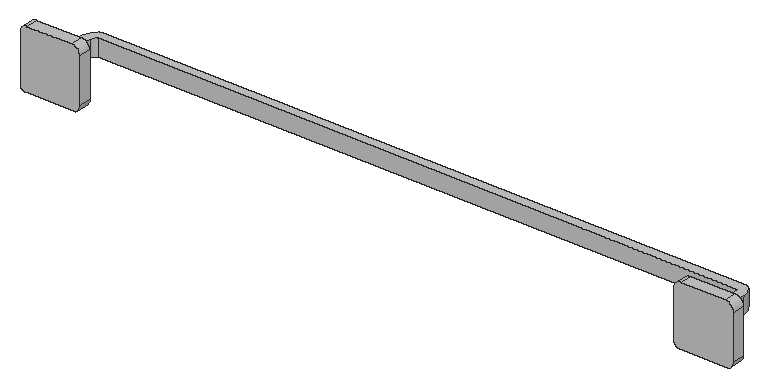
Revit family "SA-2407", category Plumbing Fixtures, host Wall, Revit 2023
Family settings
  Host = Wall
  Round Connector Dimension = Use Diameter
  Part Type = Normal
  OmniClass Number = 23.45.00.00
  OmniClass Title = Sanitary, Laundry, and Cleaning Equipment
  Enable Cutting in Views = No
  Always vertical = Yes
  Cut with Voids When Loaded = No
  Maintain Annotation Orientation = No
  Shared = No
  Room Calculation Point = No
Parameters
  Default Elevation = 0' - 0"
Reference planes (in)
  plane 1: y = 0
  plane 2 "Center (Left/Right)": x = -0.47711
  plane 3 "Back": y = 3
  plane 4: z = 36
  plane 5: x = 11.52289
  plane 6: x = -12.47711
  plane 7: x = 12.61664
  plane 8: x = 10.42914
  plane 9: z = 37.09375
  plane 10: z = 34.90625
  plane 11: x = -11.38336
  plane 12: x = -13.57086
  plane 13: z = 37.09375
  plane 14: z = 34.90625
  plane 15: y = 5.1875
Forms (in)
  Extrusion 1, solid, material "Metals"
    sketch origin (-60, 3, 0) x (-1, 0, 0) y (0, 0, 1)
      loop
        arc (-72.31691, 37.09375) -> (-72.52885, 37.00596) -> (-72.61664, 36.79402) r 0.29973
        line (-72.61664, 36.79402) -> (-72.61664, 35.15625)
        arc (-72.61664, 35.15625) -> (-72.55523, 34.99477) -> (-72.40687, 34.90625) r 0.26293
        line (-72.40687, 34.90625) -> (-70.62775, 34.90625)
        arc (-70.62775, 34.90625) -> (-70.48731, 34.96442) -> (-70.42914, 35.10485) r 0.1986
        line (-70.42914, 35.10485) -> (-70.42914, 36.84375)
        arc (-70.42914, 36.84375) -> (-70.50236, 37.02053) -> (-70.67914, 37.09375) r 0.25
        line (-70.67914, 37.09375) -> (-72.31691, 37.09375)
    from 0 to 0.44301
  Extrusion 2, solid, material "Metals"
    sketch origin (-84, 3, 0) x (-1, 0, 0) y (0, 0, 1)
      loop
        arc (-72.31691, 37.09375) -> (-72.52885, 37.00596) -> (-72.61664, 36.79402) r 0.29973
        line (-72.61664, 36.79402) -> (-72.61664, 35.15625)
        arc (-72.61664, 35.15625) -> (-72.55523, 34.99477) -> (-72.40687, 34.90625) r 0.26293
        line (-72.40687, 34.90625) -> (-70.62775, 34.90625)
        arc (-70.62775, 34.90625) -> (-70.48731, 34.96442) -> (-70.42914, 35.10485) r 0.1986
        line (-70.42914, 35.10485) -> (-70.42914, 36.84375)
        arc (-70.42914, 36.84375) -> (-70.50236, 37.02053) -> (-70.67914, 37.09375) r 0.25
        line (-70.67914, 37.09375) -> (-72.31691, 37.09375)
    from 0 to 0.44301
  Sweep 3, solid, material "Metals"
    path origin (0, 0, 0) x (1, 0, 0) y (0, 1, 0)
      loop
        line (-12.47711, 3.44301) -> (-12.47711, 4.60937)
        arc (-12.47711, 4.60937) -> (-12.41668, 4.8349) -> (-12.25158, 5) r 0.45106
        line (-12.25158, 5) -> (-0.50158, 5) -> (11.29736, 5)
        arc (11.29736, 5) -> (11.46246, 4.8349) -> (11.52289, 4.60937) r 0.45106
        line (11.52289, 4.60937) -> (11.52289, 3.44301)
    profile origin (-12.47711, 4.02619, 0) x (-1, 0, 0) y (0, 0, 1)
      loop
        line (0.17269, 36.2951) -> (-0.17269, 36.2951) -> (-0.17269, 35.69722) -> (0.17269, 35.69722) -> (0.17269, 36.2951)
Text (in)
  text "Placement Side" at (0, 40.15149, 123.01588), in view "Right"
  text "Placement Side" at (-70.3804, 45.82615, 0), in view "Ref. Level"
  text "Placement Side" at (0, 47.49176, 113.10569), in view "Left"
Dimensions and locks (in)
  locked: plane 3 "Back" to host wall
  plane 15 to host wall = 0' - 2 3/16"
  plane 15 to Extrusion 2 = 0' - 2 3/16"
